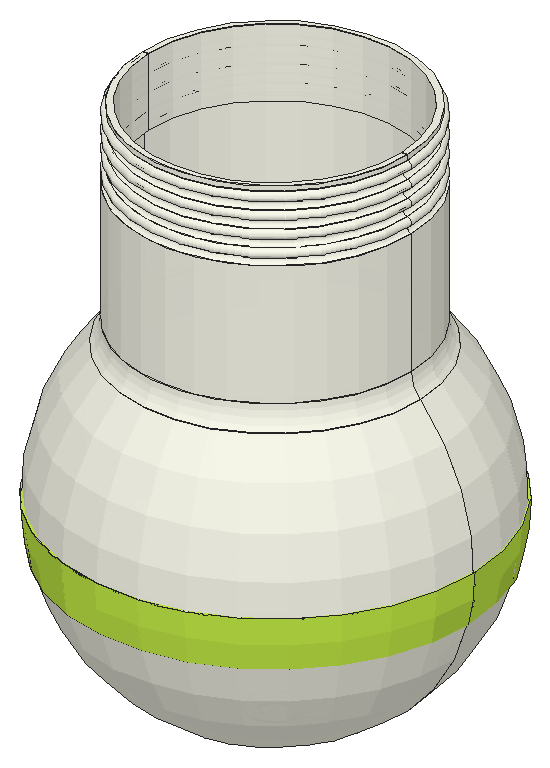
Revit family "BAF.PSGN", category Generic Models, Revit 2024
Family settings
  Can host rebar = No
  Round Connector Dimension = Use Diameter
  Part Type = Normal
  Work Plane-Based = No
  Always vertical = Yes
  Cut with Voids When Loaded = No
  Maintain Annotation Orientation = No
  Shared = No
  Room Calculation Point = No
Parameters
  Default Elevation = 0' - 0"
Reference planes (in)
  plane 1 "Center (Front/Back)": y = 0
  plane 2: z = 0
  plane 3 "Center (Left/Right)": x = 0
Forms (in)
  Revolve 1, solid, material "OPAL"
    sketch origin (0, 0, 0) x (1, 0, 0) y (0, 0, 1)
      loop
        arc (2.031, 28.80429) -> (2.09861, 28.73926) -> (2.03359, 28.67165) r 0.06634
        arc (2.03359, 28.67165) -> (2.05186, 28.62023) -> (2.09863, 28.59212) r 0.08088
        line (2.09863, 28.59212) -> (2.09863, 26.69799)
        arc (2.09863, 26.69799) -> (2.13333, 26.51496) -> (2.23262, 26.35734) r 0.5
        arc (2.23262, 26.35734) -> (2.87032, 23.24802) -> (0.39948, 21.25567) r 3.05
        arc (0.39948, 21.25567) -> (0.35871, 21.24078) -> (0.32809, 21.21001) r 0.1
        arc (0.32809, 21.21001) -> (0.18726, 21.07753) -> (0, 21.02939) r 0.3883
        line (0, 21.02939) -> (0, 21.12314)
        arc (0, 21.12314) -> (0.14205, 21.15966) -> (0.24887, 21.26015) r 0.29455
        arc (0.24887, 21.26015) -> (0.3082, 21.31976) -> (0.3872, 21.34861) r 0.19375
        arc (0.3872, 21.34861) -> (2.78209, 23.27972) -> (2.164, 26.29347) r 2.95625
        arc (2.164, 26.29347) -> (2.04609, 26.48064) -> (2.00488, 26.69799) r 0.59375
        line (2.00488, 26.69799) -> (2.00488, 28.59212) -> (1.94058, 28.59212) -> (1.94058, 29.65599) -> (2.03434, 29.65599) -> (2.03302, 29.57847)
        arc (2.03302, 29.57847) -> (2.10064, 29.51344) -> (2.03561, 29.44583) r 0.06634
        arc (2.03561, 29.44583) -> (1.9729, 29.38422) -> (2.03337, 29.32041) r 0.06273
        arc (2.03337, 29.32041) -> (2.09964, 29.25469) -> (2.0346, 29.18776) r 0.06634
        arc (2.0346, 29.18776) -> (1.97188, 29.12615) -> (2.03236, 29.06235) r 0.06273
        arc (2.03236, 29.06235) -> (2.09862, 28.99663) -> (2.03359, 28.92969) r 0.06634
        arc (2.03359, 28.92969) -> (1.97207, 28.86572) -> (2.03604, 28.8042) r 0.06276
      axis (0, 29.65599) -> (0, 21.02939)
    angle from 0 to 360
  Revolve 2, solid, material "GN"
    sketch origin (0, 0, 0) x (1, 0, 0) y (0, 0, 1)
      loop
        line (2.87842, 23.52862) -> (2.97504, 23.52862)
        arc (2.97504, 23.52862) -> (3.04304, 23.90088) -> (3.06582, 24.27862) r 3.14375
        line (3.06582, 24.27862) -> (2.97207, 24.27862)
        arc (2.97207, 24.27862) -> (2.94856, 23.90071) -> (2.87842, 23.52862) r 3.05
      axis (0, 24.27862) -> (0, 23.52862)
    angle from 0 to 360
Dimensions and locks (in)
  aligned and locked: plane 2 to level
